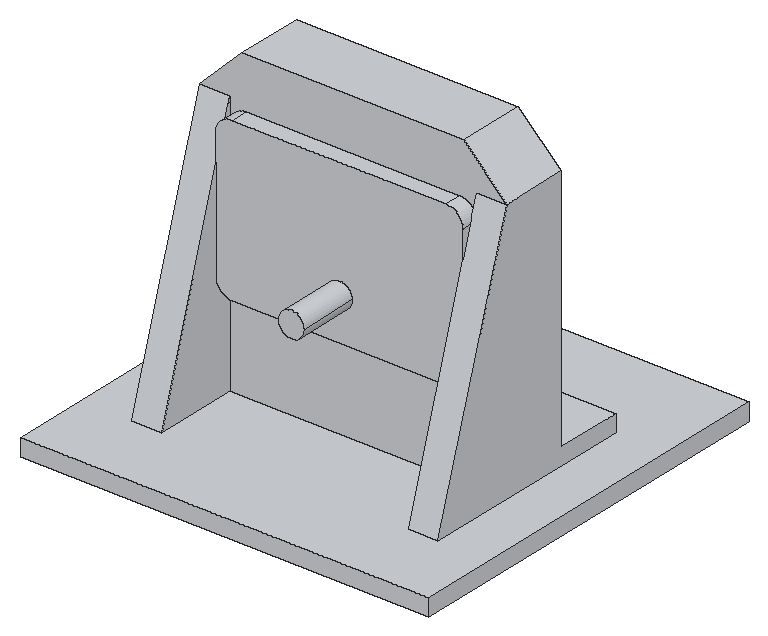
Revit family
Parameters
  Waste RAD = 3/4"
  Waste Connection = yes
  URL = "www.willoughby-ind.com"
  Stainless Steel = none
  Model = "ES-1015-HC"
  Manufacturer = "Willoughby Industries"
  HW inlet RAD = 1/4"
  HW Connection = yes
  Default Elevation = 4' - 0"
  Contact # = "800.428.4065"
  CW inlet RAD = 1/4"
  CW Connection = yes
Reference planes (in)
  plane 1 "Center (Front/Back)": y = 0
  plane 2: z = 0
  plane 3 "Center (Left/Right)": x = 0
  plane 4: y = 4
  plane 5: y = 8
Forms (in)
  Extrusion 1, solid
    sketch origin (-23, 0, 0) x (1, 0, 0) y (0, 1, 0)
      loop
        line (11, 14) -> (11, -9.40639) -> (35, -9.40639) -> (35, 14) -> (11, 14)
    from 0 to -1
  Extrusion 2, solid, material <- "Stainless Steel", detail levels fine
    sketch origin (0, 0, 0) x (1, 0, 0) y (0, 0, 1)
      loop
        line (9, 0) -> (9, 1) -> (-9, 1) -> (-9, 0) -> (9, 0)
    from -8 to -4
  Extrusion 3, solid, material <- "Stainless Steel", detail levels fine
    sketch origin (0, 0, 0) x (1, 0, 0) y (0, 0, 1)
      loop
        line (9, 0) -> (9, 15.5) -> (6.5, 18) -> (-6.5, 18) -> (-9, 15.5) -> (-9, 0) -> (9, 0)
    from 0 to -4
  Extrusion 4, void
    sketch origin (0, 0, 0) x (1, 0, 0) y (0, 0, 1)
      loop
        line (6.25, 15) -> (-6.25, 15)
        arc (-6.25, 15) -> (-6.95711, 14.70711) -> (-7.25, 14) r 1
        line (-7.25, 14) -> (-7.25, 6.5)
        arc (-7.25, 6.5) -> (-6.95711, 5.79289) -> (-6.25, 5.5) r 1
        line (-6.25, 5.5) -> (6.25, 5.5)
        arc (6.25, 5.5) -> (6.95711, 5.79289) -> (7.25, 6.5) r 1
        line (7.25, 6.5) -> (7.25, 14)
        arc (7.25, 14) -> (6.95711, 14.70711) -> (6.25, 15) r 1
    from -0.16973 to -4
  Extrusion 5, solid, material <- "Stainless Steel", detail levels fine
    sketch origin (0, 0, 0) x (0, 1, 0) y (0, 0, 1)
      loop
        line (0, 15.5) -> (-5, 0) -> (0, 0) -> (0, 15.5)
    from -9 to -7.25
  Extrusion 6, solid, material <- "Stainless Steel", detail levels fine
    sketch origin (0, 0, 0) x (1, 0, 0) y (0, 0, 1)
      loop
        line (7.25, 6.5) -> (7.25, 14)
        arc (7.25, 14) -> (6.95711, 14.70711) -> (6.25, 15) r 1
        line (6.25, 15) -> (-6.25, 15)
        arc (-6.25, 15) -> (-6.95711, 14.70711) -> (-7.25, 14) r 1
        line (-7.25, 14) -> (-7.25, 6.5)
        arc (-7.25, 6.5) -> (-6.95711, 5.79289) -> (-6.25, 5.5) r 1
        line (-6.25, 5.5) -> (6.25, 5.5)
        arc (6.25, 5.5) -> (6.95711, 5.79289) -> (7.25, 6.5) r 1
    from 0 to 1
  Extrusion 7, solid, material <- "Stainless Steel", detail levels fine
    sketch origin (16.25, 0, 0) x (0, 1, 0) y (0, 0, 1)
      loop
        line (0, 15.5) -> (-5, 0) -> (0, 0) -> (0, 15.5)
    from -9 to -7.25
  Extrusion 8, solid, material <- "Stainless Steel", detail levels fine
    sketch origin (0, 0, -0.98173) x (1, 0, 0) y (0, 0, 1)
      loop
        circle (0, 8.98173) r 0.75
    from 1 to 4.5
  Extrusion 9, solid, material <- "Stainless Steel", detail levels fine
    sketch origin (-2, 0, 0) x (1, 0, 0) y (0, 1, 0)
      loop
        circle (4, 6) r 0.25
    from 0 to 1.23961
  Extrusion 10, solid, material <- "Stainless Steel", detail levels fine
    sketch origin (-6, 0, 0) x (1, 0, 0) y (0, 1, 0)
      loop
        circle (4, 6) r 0.25
    from 0 to 1.23961
Cuts and joins
  Extrusion 4 cuts Extrusion 3
  joined: Extrusion 2, Extrusion 3, Extrusion 5, Extrusion 6, Extrusion 7, Extrusion 8, Extrusion 9, Extrusion 10
Lines and regions (in)
  model lines, detail levels coarse+medium
    curve 1: line (-9, 4, 0) -> (9, 4, 0)
    curve 2: line (9, 4, 0) -> (9, 4, 15.5)
    curve 3: line (9, 4, 15.5) -> (6.5, 4, 18)
    curve 4: line (6.5, 4, 18) -> (-6.5, 4, 18)
    curve 5: line (-6.5, 4, 18) -> (-9, 4, 15.5)
    curve 6: line (-9, 4, 15.5) -> (-9, 4, 0)
    curve 7: line (-9, 4, 1) -> (9, 4, 1)
    curve 16: line (0, -5, 0) -> (0, 8, 0)
    curve 17: line (0, 8, 0) -> (0, 8, 1)
    curve 18: line (0, 8, 1) -> (0, 4, 1)
    curve 19: line (0, 4, 1) -> (0, 4, 18)
    curve 20: line (0, 4, 18) -> (0, 0, 18)
    curve 21: line (0, 0, 18) -> (0, 0, 15.5)
    curve 22: line (0, 0, 15.5) -> (0, -5, 0)
    curve 23: line (0, -1, 12.4) -> (0, -1, 15)
    curve 24: line (0, -1, 15) -> (0, -0.16129, 15)
    curve 25: line (0, -4.5, 7.25) -> (0, -4.5, 8.75)
    curve 26: line (0, 0, 15.5) -> (0, 4, 15.5)
  model lines, detail levels medium
    curve 8: line (-6.25, 4, 5.5) -> (6.25, 4, 5.5)
    curve 9: arc (6.25, 4, 5.5) -> (6.95711, 4, 5.79289) -> (7.25, 4, 6.5) r 1
    curve 10: line (7.25, 4, 6.5) -> (7.25, 4, 14)
    curve 11: arc (7.25, 4, 14) -> (6.95711, 4, 14.70711) -> (6.25, 4, 15) r 1
    curve 12: line (6.25, 4, 15) -> (-6.25, 4, 15)
    curve 13: arc (-6.25, 4, 15) -> (-6.95711, 4, 14.70711) -> (-7.25, 4, 14) r 1
    curve 14: line (-7.25, 4, 14) -> (-7.25, 4, 6.5)
    curve 15: arc (-7.25, 4, 6.5) -> (-6.95711, 4, 5.79289) -> (-6.25, 4, 5.5) r 1
    curve 27: circle (0, 4, 8) r 0.75 normal (0, -1, 0)
  model lines
    curve 28: line (0, -4.5, 7.25) -> (0, -2.66129, 7.25)
    curve 29: line (0, -2.17742, 8.75) -> (0, -4.5, 8.75)
Dimensions and locks (in)
  cut or joined group 1 (Extrusion 2, Extrusion 3, Extrusion 4, Extrusion 5, Extrusion 6, Extrusion 7, Extrusion 8, Extrusion 9, Extrusion 10) to plane 1 "Center (Front/Back)" = 0' - 8"
  cut or joined group 1 to cut or joined group 1 = 0' - 1"
  cut or joined group 1 to Extrusion 1 = 1' - 6"
  cut or joined group 1 to cut or joined group 1 = 0' - 4"
  locked: cut or joined group 1 to cut or joined group 1 at 18
  locked: level to cut or joined group 1 at 18
  cut or joined group 1 to cut or joined group 1 = 0' - 9 1/4"
  "Waste RAD": radius of Extrusion 8 sketch curve
  "HW inlet RAD": radius of Extrusion 10 sketch curve
  "CW inlet RAD": radius of Extrusion 9 sketch curve
  radius of cut or joined group 1 = 0' - 0 3/4"
  aligned and locked: plane 2 to Extrusion 1
  aligned and locked: level to Extrusion 1
  aligned and locked: cut or joined group 1 to cut or joined group 1  (x9)
  aligned and locked: cut or joined group 1 to level
  aligned and locked: curve 15 to cut or joined group 1
  aligned and locked: curve 9 to cut or joined group 1
  aligned and locked: curve 11 to cut or joined group 1
  aligned and locked: curve 13 to cut or joined group 1
  aligned and locked: curve 20 to cut or joined group 1
  aligned and locked: curve 5 to cut or joined group 1
  aligned and locked: curve 21 to cut or joined group 1
  aligned and locked: cut or joined group 1 to curve 23
  aligned and locked: cut or joined group 1 to curve 24
  aligned and locked: cut or joined group 1 to curve 26
  aligned and locked: curve 18 to cut or joined group 1
  aligned and locked: curve 16 to cut or joined group 1
  aligned and locked: curve 17 to cut or joined group 1
  aligned and locked: cut or joined group 1 to curve 28
  aligned and locked: curve 29 to curve 29
Automatic sketch dimensions
  Extrusion 1 sketch curve to Extrusion 1 sketch curve = 2' - 0"
  Extrusion 1 sketch curve to Extrusion 1 sketch curve = 1' - 11.40639"
  Extrusion 2 sketch curve to level = 0' - 0"
  Extrusion 2 sketch curve to plane 3 "Center (Left/Right)" = 0' - 9"
  level to Extrusion 2 sketch curve = 0' - 1"
  plane 3 "Center (Left/Right)" to Extrusion 2 sketch curve = 0' - 9"
  Extrusion 3 sketch curve to level = 0' - 0"
  Extrusion 3 sketch curve to plane 3 "Center (Left/Right)" = 0' - 9"
  Extrusion 3 sketch curve to Extrusion 3 sketch curve = 0' - 2 1/2"  (x3)
  plane 3 "Center (Left/Right)" to Extrusion 3 sketch curve = 0' - 6 1/2"
  Extrusion 3 sketch curve to Extrusion 3 sketch curve = 1' - 3 1/2"  (x2)
  Extrusion 4 sketch curve to plane 3 "Center (Left/Right)" = 0' - 7 1/4"
  Extrusion 4 sketch curve to Extrusion 4 sketch curve = 0' - 1"  (x3)
  plane 3 "Center (Left/Right)" to Extrusion 4 sketch curve = 0' - 6 1/4"  (x2)
  level to Extrusion 4 sketch curve = 0' - 5 1/2"
  Extrusion 4 sketch curve to Extrusion 4 sketch curve = 0' - 7 1/2"
  Extrusion 5 sketch curve to level = 0' - 0"
  Extrusion 5 sketch curve to plane 1 "Center (Front/Back)" = 0' - 0"
  plane 1 "Center (Front/Back)" to Extrusion 5 sketch curve = 0' - 5"
  level to Extrusion 5 sketch curve = 1' - 3 1/2"
  Extrusion 6 sketch curve to plane 3 "Center (Left/Right)" = 0' - 7 1/4"
  Extrusion 6 sketch curve to Extrusion 6 sketch curve = 0' - 1"  (x3)
  plane 3 "Center (Left/Right)" to Extrusion 6 sketch curve = 0' - 6 1/4"  (x2)
  level to Extrusion 6 sketch curve = 0' - 5 1/2"
  Extrusion 6 sketch curve to Extrusion 6 sketch curve = 0' - 7 1/2"
  Extrusion 7 sketch curve to level = 0' - 0"
  Extrusion 7 sketch curve to plane 1 "Center (Front/Back)" = 0' - 0"
  plane 1 "Center (Front/Back)" to Extrusion 7 sketch curve = 0' - 5"
  level to Extrusion 7 sketch curve = 1' - 3 1/2"
  Extrusion 8 sketch curve to plane 3 "Center (Left/Right)" = 0' - 0"
  level to Extrusion 8 sketch curve = 0' - 8"
  plane 3 "Center (Left/Right)" to Extrusion 9 sketch curve = 0' - 2"
  plane 4 to Extrusion 9 sketch curve = 0' - 2"
  Extrusion 10 sketch curve to plane 3 "Center (Left/Right)" = 0' - 2"
  plane 4 to Extrusion 10 sketch curve = 0' - 2"
  curve 1 to Extrusion 3 = 0' - 0"
  curve 5 to Extrusion 3 = 0' - 0"  (x2)
  curve 3 to Extrusion 3 = 0' - 0"  (x2)
  curve 4 to Extrusion 3 = 0' - 0"
  Extrusion 3 to curve 2 = 0' - 0"
  curve 6 to Extrusion 3 = 0' - 0"
  curve 1 to curve 7 = 0' - 1"
  curve 15 to curve 27 = 0' - 6 1/4"
  curve 15 to curve 27 = 0' - 1 1/2"
  curve 19 to plane 4 = 0' - 0"
  curve 25 to curve 28 = 0' - 1.83871"
  plane 1 "Center (Front/Back)" to curve 24 = 0' - 0.16129"
  curve 28 to curve 29 = 0' - 0.48387"
  radius of curve 27 = 0' - 0 3/4"
Connectors (in)
  piping at (0, -4.5, 8), driven by "Waste RAD", driven by "Waste Connection"
    settings: on cut or joined group 1, index 1
  piping at (-2, 6, 0), driven by "HW inlet RAD", driven by "HW Connection"
    settings: on Extrusion 10, index 2
  piping at (2, 6, 0), driven by "CW inlet RAD", driven by "CW Connection"
    settings: on Extrusion 9, index 3
